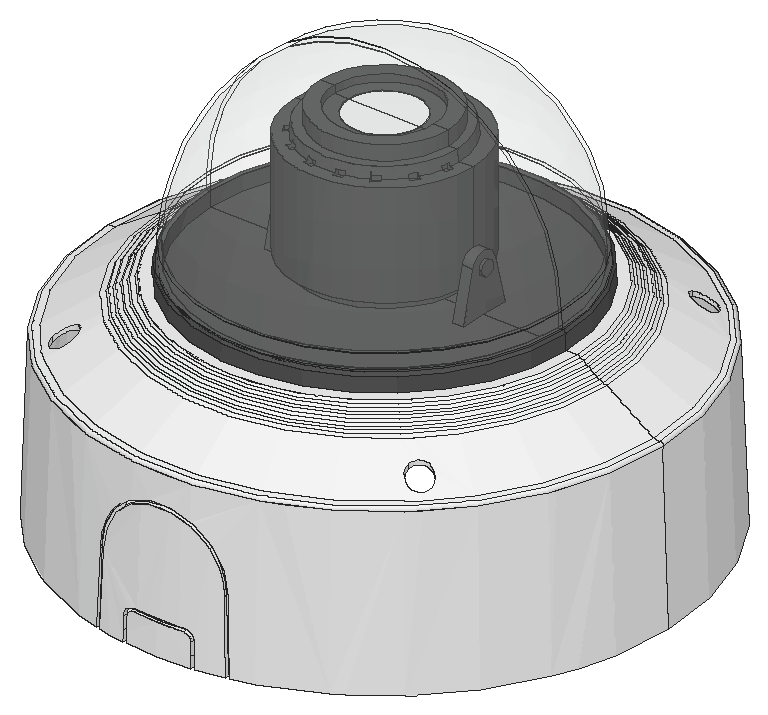
Revit family "Camera-Security-HanwhaTechwin-Dome-Wisenet X-XND-C8083RV_inch", category Security Devices, host Face, Revit 2016 (continued)
Definition of nested family "Fov&DORI"
  Dimensions and locks (in)
    "zz Horizontal Length_Identify": Blend 3 sketch curve to Blend 3 sketch curve
    equal spacing: Blend 3 sketch curve, plane 1 "Center (Front/Back)", Blend 3 sketch curve  (x2)
    "zz Vertical Length_Identify": Blend 3 sketch curve to Blend 3 sketch curve
    "zz Horizontal Length_Recognize": Blend 3 sketch curve to Blend 3 sketch curve
    "zz Vertical Length_Recognize": Blend 3 sketch curve to Blend 3 sketch curve
    equal spacing: Blend 4 sketch curve, plane 3 "Center (Left/Right)", Blend 4 sketch curve  (x2)
    "zz Horizontal Length_Recognize": Blend 4 sketch curve to Blend 4 sketch curve
    equal spacing: Blend 4 sketch curve, plane 1 "Center (Front/Back)", Blend 4 sketch curve  (x2)
    "zz Vertical Length_Recognize": Blend 4 sketch curve to Blend 4 sketch curve
    "zz Horizontal Length_Observe": Blend 4 sketch curve to Blend 4 sketch curve
    "zz Vertical Length_Observe": Blend 4 sketch curve to Blend 4 sketch curve
    equal spacing: Blend 5 sketch curve, plane 3 "Center (Left/Right)", Blend 5 sketch curve  (x2)
    "zz Horizontal Length_Observe": Blend 5 sketch curve to Blend 5 sketch curve
    equal spacing: Blend 5 sketch curve, plane 1 "Center (Front/Back)", Blend 5 sketch curve  (x2)
    "zz Vertical Length_Observe": Blend 5 sketch curve to Blend 5 sketch curve
    "zz Horizontal Length_Detect": Blend 5 sketch curve to Blend 5 sketch curve
    "zz Vertical Length_Detect": Blend 5 sketch curve to Blend 5 sketch curve
    equal spacing: Blend 6 sketch curve, plane 3 "Center (Left/Right)", Blend 6 sketch curve  (x2)
    equal spacing: Blend 6 sketch curve, plane 1 "Center (Front/Back)", Blend 6 sketch curve  (x2)
    "Base Vertical Length": Blend 6 sketch curve to Blend 6 sketch curve
    "Base Horizontal Length": Blend 6 sketch curve to Blend 6 sketch curve
    "zz Horizontal Length": Blend 6 sketch curve to Blend 6 sketch curve
    "zz Vertical Length": Blend 6 sketch curve to Blend 6 sketch curve
    aligned and locked: plane 2 to Extrusion 1
    aligned and locked: level to Extrusion 1
    aligned and locked: Blend 2 to plane 4
    aligned and locked: Blend 3 to plane 4
    aligned and locked: Blend 3 to plane 5
    aligned and locked: Blend 4 to plane 6
    aligned and locked: Blend 4 to plane 5
    aligned and locked: Blend 5 to plane 7
    aligned and locked: Blend 5 to plane 6
  Automatic sketch dimensions
    Extrusion 1 sketch curve to Extrusion 1 sketch curve = 96"  (x2)
